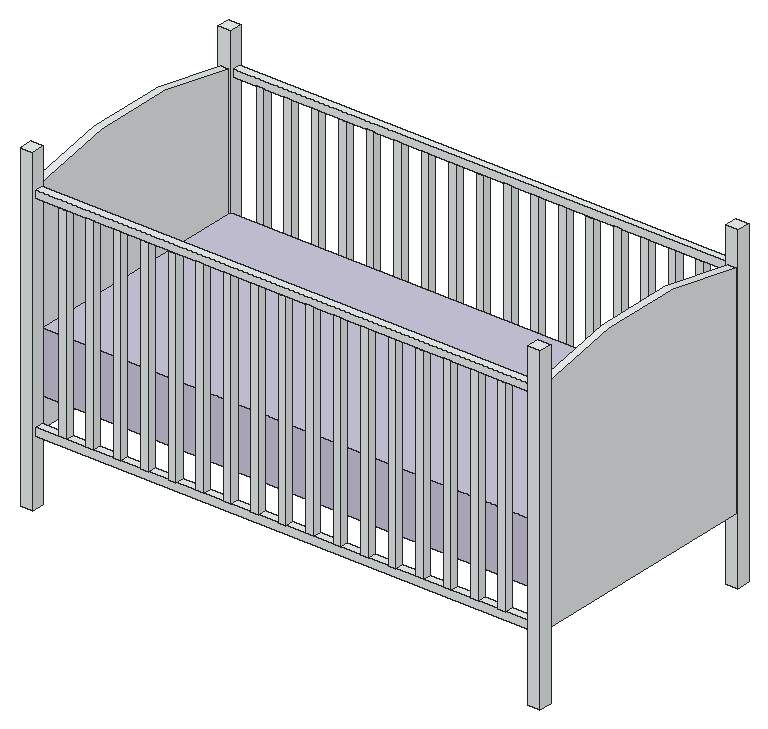
Revit family
Parameters (values of type "1300 x 260 x 800mm")
  Material Mattress = Cloth - Pattern
  Material Frame = Paint - White
  Keynote = "N"
  Assembly Code = ""
Reference planes
  plane 1 "Center F/B": y = 0
  plane 2: z = -4.762
  plane 3 "Center L/R": x = 0
  plane 4: y = -323.85
  plane 5: y = 323.85
  plane 6: x = -647.7
  plane 7: x = 647.7
  plane 8: z = 795.338
  plane 9: x = -615.95
  plane 10: x = 615.95
  plane 11: y = -292.1
  plane 12: y = 292.1
  plane 13: z = 395.287
  plane 14: x = -641.35
  plane 15: x = -622.3
  plane 16: x = -641.35
  plane 17: x = -622.3
  plane 18: y = -317.5
  plane 19: y = -298.45
  plane 20: y = 317.5
  plane 21: y = 298.45
  plane 22: x = 622.3
  plane 23: x = 641.35
  plane 24: x = 622.3
  plane 25: z = 165.252
  plane 26: z = 752.324
  plane 27: z = 714.224
  plane 28: x = -622.3
  plane 29: x = -547.511
  plane 30: x = -479.072
  plane 31: x = -410.633
  plane 32: x = -342.194
  plane 33: x = -273.756
  plane 34: x = -205.317
  plane 35: x = -136.878
  plane 36: x = -68.439
  plane 37: x = 68.439
  plane 38: x = 136.878
  plane 39: x = 205.317
  plane 40: x = 273.756
  plane 41: x = 342.194
  plane 42: x = 410.633
  plane 43: x = 479.072
  plane 44: x = 547.511
Forms (mm)
  Extrusion 1, solid, material "Cloth - Pattern" <- "Material Mattress"
    sketch origin (0, 0, 0) x (1, 0, 0) y (0, 1, 0)
      loop
        line (-615.95, -292.1) -> (615.95, -292.1) -> (615.95, 292.1) -> (-615.95, 292.1) -> (-615.95, -292.1)
    from 242.888 to 395.288
  Extrusion 2, solid, material "Paint - White" <- "Material Frame"
    sketch origin (0, 0, 0) x (1, 0, 0) y (0, 1, 0)
      loop
        line (-647.7, 323.85) -> (-647.7, 292.1) -> (-615.95, 292.1) -> (-615.95, 323.85) -> (-647.7, 323.85)
      loop
        line (615.95, 292.1) -> (647.7, 292.1) -> (647.7, 323.85) -> (615.95, 323.85) -> (615.95, 292.1)
      loop
        line (615.95, -292.1) -> (615.95, -323.85) -> (647.7, -323.85) -> (647.7, -292.1) -> (615.95, -292.1)
      loop
        line (-615.95, -292.1) -> (-647.7, -292.1) -> (-647.7, -323.85) -> (-615.95, -323.85) -> (-615.95, -292.1)
    from 0 to 800.1
  Extrusion 3, solid, material "Paint - White" <- "Material Frame"
    sketch origin (-615.95, 292.1, 395.288) x (0, 0, -1) y (0, -1, 0)
      loop
        arc (-318.936, 584.2) -> (-360.744, 292.1) -> (-318.936, 0) r 1041.326
        line (-318.936, 0) -> (230.036, 0) -> (230.036, 584.2) -> (-318.936, 584.2)
    from 6.35 to 25.4
  Extrusion 4, solid, material "Paint - White" <- "Material Frame"
    sketch origin (615.95, -292.1, 395.288) x (0, 0, -1) y (0, 1, 0)
      loop
        arc (-318.936, 584.2) -> (-360.741, 292.1) -> (-318.936, 0) r 1041.4
        line (-318.936, 0) -> (230.036, 0) -> (230.036, 584.2) -> (-318.936, 584.2)
    from 6.35 to 25.4
  Extrusion 5, solid, material "Paint - White" <- "Material Frame"
    sketch origin (0, 0, 0) x (1, 0, 0) y (0, 1, 0)
      loop
        line (-615.95, -317.5) -> (615.95, -317.5) -> (615.95, -298.45) -> (-615.95, -298.45) -> (-615.95, -317.5)
    from 184.302 to 165.252
  Extrusion 6, solid, material "Paint - White" <- "Material Frame"
    sketch origin (0, 0, 0) x (1, 0, 0) y (0, 1, 0)
      loop
        line (-615.95, -317.5) -> (615.95, -317.5) -> (615.95, -298.45) -> (-615.95, -298.45) -> (-615.95, -317.5)
    from 695.174 to 714.224
  Extrusion 7, solid, material "Paint - White" <- "Material Frame"
    sketch origin (1.913, 0, 0) x (1, 0, 0) y (0, 1, 0)
      loop
        line (-558.949, -298.45) -> (-558.949, -317.5) -> (-539.899, -317.5) -> (-539.899, -298.45) -> (-558.949, -298.45)
    from 184.302 to 695.174
  Extrusion 8, solid, material "Paint - White" <- "Material Frame"
    sketch origin (72.16, 0, 0) x (1, 0, 0) y (0, 1, 0)
      loop
        line (-560.757, -298.45) -> (-560.757, -317.5) -> (-541.707, -317.5) -> (-541.707, -298.45) -> (-560.757, -298.45)
    from 184.302 to 695.174
  Extrusion 9, solid, material "Paint - White" <- "Material Frame"
    sketch origin (139.7, 0, 0) x (1, 0, 0) y (0, 1, 0)
      loop
        line (-560.224, -298.45) -> (-560.224, -317.5) -> (-541.174, -317.5) -> (-541.174, -298.45) -> (-560.224, -298.45)
    from 184.302 to 695.174
  Extrusion 10, solid, material "Paint - White" <- "Material Frame"
    sketch origin (210.313, 0, 0) x (1, 0, 0) y (0, 1, 0)
      loop
        line (-562.033, -298.45) -> (-562.033, -317.5) -> (-542.983, -317.5) -> (-542.983, -298.45) -> (-562.033, -298.45)
    from 184.302 to 695.174
  Extrusion 11, solid, material "Paint - White" <- "Material Frame"
    sketch origin (285.244, 0, 0) x (1, 0, 0) y (0, 1, 0)
      loop
        line (-568.524, -298.45) -> (-568.524, -317.5) -> (-549.474, -317.5) -> (-549.474, -298.45) -> (-568.524, -298.45)
    from 184.302 to 695.174
  Extrusion 12, solid, material "Paint - White" <- "Material Frame"
    sketch origin (353.149, 0, 0) x (1, 0, 0) y (0, 1, 0)
      loop
        line (-567.991, -298.45) -> (-567.991, -317.5) -> (-548.941, -317.5) -> (-548.941, -298.45) -> (-567.991, -298.45)
    from 184.302 to 695.174
  Extrusion 13, solid, material "Paint - White" <- "Material Frame"
    sketch origin (421.055, 0, 0) x (1, 0, 0) y (0, 1, 0)
      loop
        line (-567.458, -298.45) -> (-567.458, -317.5) -> (-548.408, -317.5) -> (-548.408, -298.45) -> (-567.458, -298.45)
    from 184.302 to 695.174
  Extrusion 14, solid, material "Paint - White" <- "Material Frame"
    sketch origin (488.95, 0, 0) x (1, 0, 0) y (0, 1, 0)
      loop
        line (-566.925, -298.45) -> (-566.925, -317.5) -> (-547.875, -317.5) -> (-547.875, -298.45) -> (-566.925, -298.45)
    from 184.302 to 695.174
  Extrusion 15, solid, material "Paint - White" <- "Material Frame"
    sketch origin (555.625, 0, 0) x (1, 0, 0) y (0, 1, 0)
      loop
        line (-565.15, -298.45) -> (-565.15, -317.5) -> (-546.1, -317.5) -> (-546.1, -298.45) -> (-565.15, -298.45)
    from 184.302 to 695.174
  Extrusion 16, solid, material "Paint - White" <- "Material Frame"
    sketch origin (629.455, 0, 0) x (1, 0, 0) y (0, 1, 0)
      loop
        line (-570.541, -298.45) -> (-570.541, -317.5) -> (-551.491, -317.5) -> (-551.491, -298.45) -> (-570.541, -298.45)
    from 184.302 to 695.174
  Extrusion 17, solid, material "Paint - White" <- "Material Frame"
    sketch origin (704.386, 0, 0) x (1, 0, 0) y (0, 1, 0)
      loop
        line (-577.033, -298.45) -> (-577.033, -317.5) -> (-557.983, -317.5) -> (-557.983, -298.45) -> (-577.033, -298.45)
    from 184.302 to 695.174
  Extrusion 18, solid, material "Paint - White" <- "Material Frame"
    sketch origin (767.608, 0, 0) x (1, 0, 0) y (0, 1, 0)
      loop
        line (-571.817, -298.45) -> (-571.817, -317.5) -> (-552.767, -317.5) -> (-552.767, -298.45) -> (-571.817, -298.45)
    from 184.302 to 695.174
  Extrusion 19, solid, material "Paint - White" <- "Material Frame"
    sketch origin (840.197, 0, 0) x (1, 0, 0) y (0, 1, 0)
      loop
        line (-575.967, -298.45) -> (-575.967, -317.5) -> (-556.917, -317.5) -> (-556.917, -298.45) -> (-575.967, -298.45)
    from 184.302 to 695.174
  Extrusion 20, solid, material "Paint - White" <- "Material Frame"
    sketch origin (912.786, 0, 0) x (1, 0, 0) y (0, 1, 0)
      loop
        line (-580.117, -298.45) -> (-580.117, -317.5) -> (-561.067, -317.5) -> (-561.067, -298.45) -> (-580.117, -298.45)
    from 184.302 to 695.174
  Extrusion 21, solid, material "Paint - White" <- "Material Frame"
    sketch origin (976.009, 0, 0) x (1, 0, 0) y (0, 1, 0)
      loop
        line (-574.9, -298.45) -> (-574.9, -317.5) -> (-555.85, -317.5) -> (-555.85, -298.45) -> (-574.9, -298.45)
    from 184.302 to 695.174
  Extrusion 22, solid, material "Paint - White" <- "Material Frame"
    sketch origin (1050.925, 0, 0) x (1, 0, 0) y (0, 1, 0)
      loop
        line (-581.378, -298.45) -> (-581.378, -317.5) -> (-562.328, -317.5) -> (-562.328, -298.45) -> (-581.378, -298.45)
    from 184.302 to 695.174
  Extrusion 23, solid, material "Paint - White" <- "Material Frame"
    sketch origin (1123.528, 0, 0) x (1, 0, 0) y (0, 1, 0)
      loop
        line (-585.542, -298.45) -> (-585.542, -317.5) -> (-566.492, -317.5) -> (-566.492, -298.45) -> (-585.542, -298.45)
    from 184.302 to 695.174
  Extrusion 24, solid, material "Paint - White" <- "Material Frame"
    sketch origin (0, 615.95, 0) x (1, 0, 0) y (0, 1, 0)
      loop
        line (-615.95, -317.5) -> (615.95, -317.5) -> (615.95, -298.45) -> (-615.95, -298.45) -> (-615.95, -317.5)
    from 184.302 to 165.252
  Extrusion 25, solid, material "Paint - White" <- "Material Frame"
    sketch origin (0, 615.95, 0) x (1, 0, 0) y (0, 1, 0)
      loop
        line (-615.95, -317.5) -> (615.95, -317.5) -> (615.95, -298.45) -> (-615.95, -298.45) -> (-615.95, -317.5)
    from 695.174 to 714.224
  Extrusion 26, solid, material "Paint - White" <- "Material Frame"
    sketch origin (8.114, 615.95, 0) x (1, 0, 0) y (0, 1, 0)
      loop
        line (-565.15, -298.45) -> (-565.15, -317.5) -> (-546.1, -317.5) -> (-546.1, -298.45) -> (-565.15, -298.45)
    from 184.302 to 695.174
  Extrusion 27, solid, material "Paint - White" <- "Material Frame"
    sketch origin (76.553, 615.95, 0) x (1, 0, 0) y (0, 1, 0)
      loop
        line (-565.15, -298.45) -> (-565.15, -317.5) -> (-546.1, -317.5) -> (-546.1, -298.45) -> (-565.15, -298.45)
    from 184.302 to 695.174
  Extrusion 28, solid, material "Paint - White" <- "Material Frame"
    sketch origin (144.992, 615.95, 0) x (1, 0, 0) y (0, 1, 0)
      loop
        line (-565.15, -298.45) -> (-565.15, -317.5) -> (-546.1, -317.5) -> (-546.1, -298.45) -> (-565.15, -298.45)
    from 184.302 to 695.174
  Extrusion 29, solid, material "Paint - White" <- "Material Frame"
    sketch origin (213.431, 615.95, 0) x (1, 0, 0) y (0, 1, 0)
      loop
        line (-565.15, -298.45) -> (-565.15, -317.5) -> (-546.1, -317.5) -> (-546.1, -298.45) -> (-565.15, -298.45)
    from 184.302 to 695.174
  Extrusion 30, solid, material "Paint - White" <- "Material Frame"
    sketch origin (281.869, 615.95, 0) x (1, 0, 0) y (0, 1, 0)
      loop
        line (-565.15, -298.45) -> (-565.15, -317.5) -> (-546.1, -317.5) -> (-546.1, -298.45) -> (-565.15, -298.45)
    from 184.302 to 695.174
  Extrusion 31, solid, material "Paint - White" <- "Material Frame"
    sketch origin (350.308, 615.95, 0) x (1, 0, 0) y (0, 1, 0)
      loop
        line (-565.15, -298.45) -> (-565.15, -317.5) -> (-546.1, -317.5) -> (-546.1, -298.45) -> (-565.15, -298.45)
    from 184.302 to 695.174
  Extrusion 32, solid, material "Paint - White" <- "Material Frame"
    sketch origin (418.747, 615.95, 0) x (1, 0, 0) y (0, 1, 0)
      loop
        line (-565.15, -298.45) -> (-565.15, -317.5) -> (-546.1, -317.5) -> (-546.1, -298.45) -> (-565.15, -298.45)
    from 184.302 to 695.174
  Extrusion 33, solid, material "Paint - White" <- "Material Frame"
    sketch origin (487.186, 615.95, 0) x (1, 0, 0) y (0, 1, 0)
      loop
        line (-565.15, -298.45) -> (-565.15, -317.5) -> (-546.1, -317.5) -> (-546.1, -298.45) -> (-565.15, -298.45)
    from 184.302 to 695.174
  Extrusion 34, solid, material "Paint - White" <- "Material Frame"
    sketch origin (555.625, 615.95, 0) x (1, 0, 0) y (0, 1, 0)
      loop
        line (-565.15, -298.45) -> (-565.15, -317.5) -> (-546.1, -317.5) -> (-546.1, -298.45) -> (-565.15, -298.45)
    from 184.302 to 695.174
  Extrusion 35, solid, material "Paint - White" <- "Material Frame"
    sketch origin (624.064, 615.95, 0) x (1, 0, 0) y (0, 1, 0)
      loop
        line (-565.15, -298.45) -> (-565.15, -317.5) -> (-546.1, -317.5) -> (-546.1, -298.45) -> (-565.15, -298.45)
    from 184.302 to 695.174
  Extrusion 36, solid, material "Paint - White" <- "Material Frame"
    sketch origin (711.553, 615.95, 0) x (1, 0, 0) y (0, 1, 0)
      loop
        line (-584.2, -298.45) -> (-584.2, -317.5) -> (-565.15, -317.5) -> (-565.15, -298.45) -> (-584.2, -298.45)
    from 184.302 to 695.174
  Extrusion 37, solid, material "Paint - White" <- "Material Frame"
    sketch origin (767.608, 615.95, 0) x (1, 0, 0) y (0, 1, 0)
      loop
        line (-571.817, -298.45) -> (-571.817, -317.5) -> (-552.767, -317.5) -> (-552.767, -298.45) -> (-571.817, -298.45)
    from 184.302 to 695.174
  Extrusion 38, solid, material "Paint - White" <- "Material Frame"
    sketch origin (848.431, 615.95, 0) x (1, 0, 0) y (0, 1, 0)
      loop
        line (-584.2, -298.45) -> (-584.2, -317.5) -> (-565.15, -317.5) -> (-565.15, -298.45) -> (-584.2, -298.45)
    from 184.302 to 695.174
  Extrusion 39, solid, material "Paint - White" <- "Material Frame"
    sketch origin (912.786, 615.95, 0) x (1, 0, 0) y (0, 1, 0)
      loop
        line (-580.117, -298.45) -> (-580.117, -317.5) -> (-561.067, -317.5) -> (-561.067, -298.45) -> (-580.117, -298.45)
    from 184.302 to 695.174
  Extrusion 40, solid, material "Paint - White" <- "Material Frame"
    sketch origin (976.009, 615.95, 0) x (1, 0, 0) y (0, 1, 0)
      loop
        line (-574.9, -298.45) -> (-574.9, -317.5) -> (-555.85, -317.5) -> (-555.85, -298.45) -> (-574.9, -298.45)
    from 184.302 to 695.174
  Extrusion 41, solid, material "Paint - White" <- "Material Frame"
    sketch origin (1050.925, 615.95, 0) x (1, 0, 0) y (0, 1, 0)
      loop
        line (-581.378, -298.45) -> (-581.378, -317.5) -> (-562.328, -317.5) -> (-562.328, -298.45) -> (-581.378, -298.45)
    from 184.302 to 695.174
  Extrusion 42, solid, material "Paint - White" <- "Material Frame"
    sketch origin (1123.528, 615.95, 0) x (1, 0, 0) y (0, 1, 0)
      loop
        line (-585.542, -298.45) -> (-585.542, -317.5) -> (-566.492, -317.5) -> (-566.492, -298.45) -> (-585.542, -298.45)
    from 184.302 to 695.174
Lines and regions (mm)
  Masking region 1
    outline origin (0, 0, 0) x (1, 0, 0) y (0, 1, 0)
      loop
        line (0, 317.5) -> (-615.95, 317.5) -> (-615.95, 323.85) -> (-647.7, 323.85) -> (-647.7, 292.1) -> (-641.35, 292.1) -> (-641.35, 0) -> (-641.35, -292.1) -> (-647.7, -292.1) -> (-647.7, -323.85) -> (-615.95, -323.85) -> (-615.95, -317.5) -> (0, -317.5) -> (615.95, -317.5) -> (615.95, -323.85) -> (647.7, -323.85) -> (647.7, -292.1) -> (641.35, -292.1) -> (641.35, 0) -> (641.35, 292.1) -> (647.7, 292.1) -> (647.7, 323.85) -> (615.95, 323.85) -> (615.95, 317.5) -> (0, 317.5)
  symbolic lines
    curve 1: line (-647.7, 292.1, 0) -> (-615.95, 292.1, 0)
    curve 2: line (-647.7, 323.85, 0) -> (-647.7, 292.1, 0)
    curve 3: line (-615.95, 323.85, 0) -> (-647.7, 323.85, 0)
    curve 4: line (-615.95, 292.1, 0) -> (-615.95, 323.85, 0)
    curve 5: line (-647.7, -323.85, 0) -> (-615.95, -323.85, 0)
    curve 6: line (-647.7, -292.1, 0) -> (-647.7, -323.85, 0)
    curve 7: line (-615.95, -292.1, 0) -> (-647.7, -292.1, 0)
    curve 8: line (-615.95, -323.85, 0) -> (-615.95, -292.1, 0)
    curve 9: line (615.95, -323.85, 0) -> (647.7, -323.85, 0)
    curve 10: line (615.95, -292.1, 0) -> (615.95, -323.85, 0)
    curve 11: line (647.7, -292.1, 0) -> (615.95, -292.1, 0)
    curve 12: line (647.7, -323.85, 0) -> (647.7, -292.1, 0)
    curve 13: line (615.95, 292.1, 0) -> (647.7, 292.1, 0)
    curve 14: line (615.95, 323.85, 0) -> (615.95, 292.1, 0)
    curve 15: line (647.7, 323.85, 0) -> (615.95, 323.85, 0)
    curve 16: line (647.7, 292.1, 0) -> (647.7, 323.85, 0)
    curve 17: line (-615.95, -292.1, 0) -> (615.95, -292.1, 0)
    curve 18: line (-615.95, 292.1, 0) -> (-615.95, -292.1, 0)
    curve 19: line (615.95, 292.1, 0) -> (-615.95, 292.1, 0)
    curve 20: line (615.95, -292.1, 0) -> (615.95, 292.1, 0)
    curve 21: line (641.35, 292.1, 0) -> (622.3, 292.1, 0)
    curve 22: line (641.35, -292.1, 0) -> (641.35, 292.1, 0)
    curve 23: line (622.3, -292.1, 0) -> (641.35, -292.1, 0)
    curve 24: line (622.3, 292.1, 0) -> (622.3, -292.1, 0)
    curve 25: line (-641.35, 292.1, 0) -> (-615.95, 292.1, 0)
    curve 26: line (-641.35, -292.1, 0) -> (-641.35, 292.1, 0)
    curve 27: line (-615.95, -292.1, 0) -> (-641.35, -292.1, 0)
    curve 28: line (-615.95, 292.1, 0) -> (-615.95, -292.1, 0)
    curve 29: line (-615.95, -298.45, 0) -> (615.95, -298.45, 0)
    curve 30: line (-615.95, -317.5, 0) -> (-615.95, -298.45, 0)
    curve 31: line (615.95, -317.5, 0) -> (-615.95, -317.5, 0)
    curve 32: line (615.95, -298.45, 0) -> (615.95, -317.5, 0)
    curve 33: line (615.95, 298.45, 0) -> (-615.95, 298.45, 0)
    curve 34: line (615.95, 317.5, 0) -> (615.95, 298.45, 0)
    curve 35: line (-615.95, 317.5, 0) -> (615.95, 317.5, 0)
    curve 36: line (-615.95, 298.45, 0) -> (-615.95, 317.5, 0)
    curve 37: line (-622.3, 292.1, 0) -> (-622.3, -292.1, 0)
Dimensions and locks
  locked: plane 4 to plane 5 at 647.7
  equal spacing: plane 4, plane 1 "Center F/B", plane 5
  equal spacing: plane 6, plane 3 "Center L/R", plane 7
  locked: plane 6 to plane 7 at 1295.4
  locked: plane 6 to plane 9 at 31.75
  locked: plane 10 to plane 7 at 31.75
  locked: plane 12 to plane 5 at 31.75
  locked: plane 4 to plane 11 at 31.75
  equal spacing: plane 8, plane 13, plane 2, locked at 400.05 each
  locked: plane 8 to plane 2 at 800.1
  plane 8 to plane 26 to plane 27 = 43.014 mm, 38.1 mm
  plane 25 to plane 2 = 170.014 mm
  Extrusion 15 to plane 3 "Center L/R" to Extrusion 15 = 9.525 mm locked, 9.525 mm locked
  Extrusion 16 to plane 37 to Extrusion 16 = 9.525 mm locked, 9.525 mm locked
  Extrusion 17 to plane 38 to Extrusion 17 = 9.525 mm locked, 9.525 mm locked
  Extrusion 18 to plane 39 to Extrusion 18 = 9.525 mm locked, 9.525 mm locked
  Extrusion 19 to plane 40 to Extrusion 19 = 9.525 mm locked, 9.525 mm locked
  Extrusion 20 to plane 41 to Extrusion 20 = 9.525 mm locked, 9.525 mm locked
  Extrusion 21 to plane 42 to Extrusion 21 = 9.525 mm locked, 9.525 mm locked
  Extrusion 22 to plane 43 to Extrusion 22 = 9.525 mm locked, 9.525 mm locked
  Extrusion 23 to plane 44 to Extrusion 23 = 9.525 mm locked, 9.525 mm locked
  Extrusion 14 to plane 36 to Extrusion 14 = 9.514 mm locked, 9.536 mm locked
  Extrusion 13 to plane 35 to Extrusion 13 = 9.525 mm locked, 9.525 mm locked
  Extrusion 12 to plane 34 to Extrusion 12 = 9.525 mm locked, 9.525 mm locked
  Extrusion 11 to plane 33 to Extrusion 11 = 9.525 mm locked, 9.525 mm locked
  Extrusion 10 to plane 32 to Extrusion 10 = 9.525 mm locked, 9.525 mm locked
  Extrusion 9 to plane 31 to Extrusion 9 = 9.159 mm locked, 9.891 mm locked
  Extrusion 8 to plane 30 to Extrusion 8 = 9.525 mm locked, 9.525 mm locked
  Extrusion 7 to plane 29 to Extrusion 7 = 9.525 mm locked, 9.525 mm locked
  locked: Extrusion 1 to Extrusion 1 at 152.4
  aligned and locked: Extrusion 1 to plane 13
  aligned and locked: plane 25 to Extrusion 5
  aligned and locked: Extrusion 7 to Extrusion 6
  aligned and locked: Extrusion 7 to Extrusion 5
  aligned and locked: Extrusion 39 to Extrusion 20  (x2)
  aligned and locked: Extrusion 40 to Extrusion 21  (x2)
  aligned and locked: Extrusion 41 to Extrusion 22  (x2)
  aligned and locked: Extrusion 42 to Extrusion 23  (x2)
  aligned and locked: plane 17 to Extrusion 3
  aligned and locked: Extrusion 3 to plane 16
  aligned: curve 1 to curve 37
  aligned: curve 37 to Extrusion 3
Automatic sketch dimensions
  Masking region 1 sketch curve to plane 4 = 0 mm  (x2)
  Masking region 1 sketch curve to plane 6 = 0 mm  (x2)
  Masking region 1 sketch curve to plane 11 = 0 mm  (x2)
  Masking region 1 sketch curve to plane 14 = 0 mm
  Masking region 1 sketch curve to plane 9 = 0 mm  (x2)
  Masking region 1 sketch curve to plane 5 = 0 mm  (x2)
  Masking region 1 sketch curve to plane 3 "Center L/R" = 0 mm  (x2)
  Masking region 1 sketch curve to plane 10 = 0 mm  (x2)
  Masking region 1 sketch curve to plane 12 = 0 mm  (x2)
  Masking region 1 sketch curve to plane 23 = 0 mm
  Masking region 1 sketch curve to plane 7 = 0 mm  (x2)
  Masking region 1 sketch curve to plane 18 = 0 mm
  Masking region 1 sketch curve to plane 1 "Center F/B" = 0 mm  (x2)
  Masking region 1 sketch curve to plane 20 = 0 mm
  curve 1 to plane 6 = 0 mm
  curve 6 to plane 4 = 0 mm
  curve 6 to plane 6 = 0 mm
  curve 25 to plane 12 = 0 mm
  curve 25 to plane 14 = 0 mm
  curve 37 to plane 11 = 0 mm
  curve 37 to plane 15 = 0 mm
  curve 8 to plane 9 = 0 mm
  curve 36 to plane 9 = 0 mm
  curve 31 to plane 9 = 0 mm
  curve 20 to plane 10 = 0 mm
  curve 35 to plane 10 = 0 mm
  curve 32 to plane 10 = 0 mm
  curve 24 to plane 12 = 0 mm
  curve 24 to plane 22 = 0 mm
  curve 22 to plane 23 = 0 mm
  curve 15 to plane 5 = 0 mm
  curve 15 to plane 7 = 0 mm
  curve 12 to plane 4 = 0 mm
  curve 12 to plane 7 = 0 mm
  curve 31 to plane 18 = 0 mm
  curve 29 to plane 19 = 0 mm
  curve 24 to plane 11 = 0 mm
  curve 36 to plane 21 = 0 mm
  curve 35 to plane 20 = 0 mm
  curve 4 to plane 5 = 0 mm
